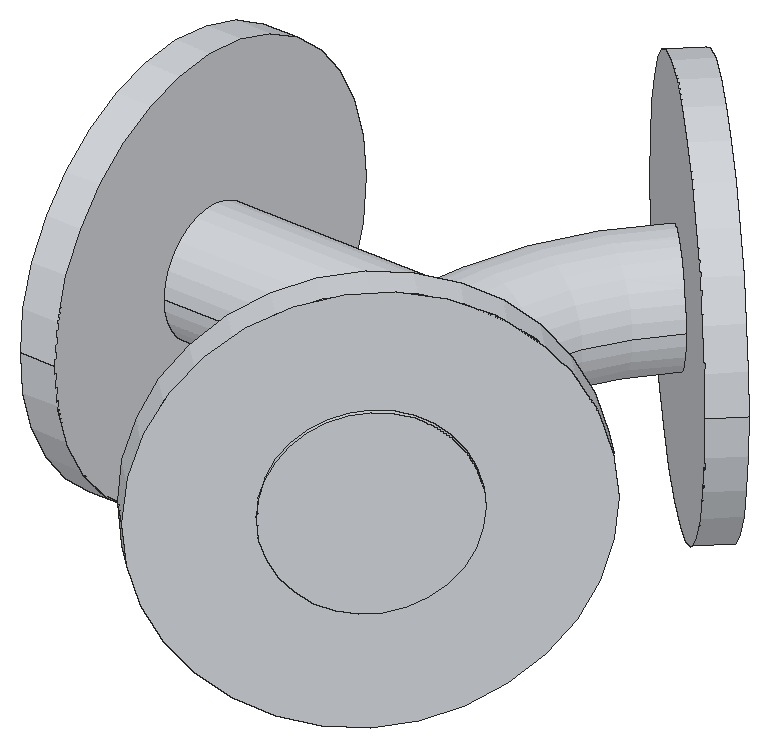
Revit family "Y 型三通 - 法兰式 - 碳钢 - 150 磅级", category 管件, Revit 2020
Family settings
  圆形连接件大小 = 使用半径
  零件类型 = Y 形三通
  基于工作平面 = 否
  总是垂直 = 是
  加载时剪切的空心 = 否
  共享 = 否
Parameters (values of type "标准")
  默认高程 = 0 mm
  壁厚 [instance] = size_lookup(查找表格名, "WThk", 0.02 * 公称直径 + 4.465 mm, 公称直径)  # 4 mm
  查找表格名 = "M_Wye True - Flanged - CS - Class 150"
  长度 C3 2 [instance] = 长度 6 + 半径 2 - 半径 2 * cos(角度 4) + 法兰和密封面厚度 * sin(角度 4)  # 62.933 mm
  长度 C3 1 [instance] = 半径 2 * sin(角度 4) + 法兰和密封面厚度 * cos(角度 4)  # 62.933 mm
  长度 C2 2 [instance] = 长度 6 + 半径 1 - 半径 1 * cos(角度 3) + 法兰和密封面厚度 * sin(角度 3)  # 62.933 mm
  长度 C2 1 [instance] = 半径 1 * sin(角度 3) + 法兰和密封面厚度 * cos(角度 3)  # 62.933 mm
  长度 10 [instance] = 法兰和密封面厚度  # 11.188 mm
  记号尺寸 [instance] = 法兰外径 * 0.4  # 44 mm
  短中心到接触表面 [instance] = size_lookup(查找表格名, "SCtCS", 0.31 * 公称直径 + 44.252 mm, 公称直径)  # 44 mm
  密封面厚度 [instance] = 1.587 mm  # constant formula
  密封面半径 [instance] = 密封面直径 / 2  # 25.4 mm
  密封面直径 [instance] = size_lookup(查找表格名, "RFD", 1.1 * 公称直径 + 38.695 mm, 公称直径)  # 50.8 mm
  半径 1 [instance] = if(法兰外径 / 2 > 长度 3 * tan(角度 1), 法兰外径 / 2 + 3.076 mm, 长度 3 * tan(角度 1))  # 77.812 mm
  半径 2 [instance] = if(法兰外径 / 2 > sin(角度 2) * 长度 6 / (1 - sin(角度 2)), 法兰外径 / 2 + 3.076 mm, sin(角度 2) * 长度 6 / (1 - sin(角度 2)))  # 77.812 mm
  长度 8 [instance] = 法兰和密封面厚度 - 密封面厚度  # 9.6 mm
  长度 7 [instance] = 长度 3 + 法兰和密封面厚度  # 89 mm
  长度 6 [instance] = 长度 4 - 半径 1  # 32.231 mm
  长度 4 [instance] = 半径 1 / sin(角度 1)  # 110.043 mm
  长度 5 [instance] = 半径 2 + 长度 6  # 110.043 mm
  长度 3 [instance] = if(长度 1 < 长度 2, 中心到接触表面 - 法兰和密封面厚度, 长度 1 / sin(角度 5))  # 77.813 mm
  长度 2 [instance] = (中心到接触表面 - 法兰和密封面厚度) * sin(角度 5)  # 55.022 mm
  长度 1 [instance] = 法兰外半径 * cos(角度 5)  # 38.891 mm
  法兰厚度 [instance] = size_lookup(查找表格名, "FThk", 0.06 * 公称直径 + 12.502 mm, 公称直径)  # 9.6 mm
  管件外半径 [instance] = 管件外径 / 2  # 16.5 mm
  管件外径 [instance] = 管件内径 + 壁厚 * 2  # 33 mm
  中心到接触表面 [instance] = size_lookup(查找表格名, "CtCS", 0.78 * 公称直径 + 77.391 mm, 公称直径)  # 89 mm
  公称半径 [instance] = 12.5 mm
  公称直径 [instance] = 公称半径 * 2  # 25 mm
  法兰和密封面厚度 [instance] = 法兰厚度 + 密封面厚度  # 11.188 mm
  法兰外半径 [instance] = 法兰外径 / 2  # 55 mm
  法兰外径 [instance] = size_lookup(查找表格名, "FOD", 1.23 * 公称直径 + 93.861 mm, 公称直径)  # 110 mm
  管件内径 [instance] = size_lookup(查找表格名, "FID", 0.98 * 公称直径 + 2.282 mm, 公称直径)  # 25 mm
  角度 5 [instance] = if(角度 1 < 角度 2, 角度 1, 角度 2)  # 45.00°
  角度 3 [instance] = 90.00° - 角度 1  # 45.00°
  角度 4 [instance] = 90.00° - 角度 2  # 45.00°
  角度 1 [instance] = 45.00°
  角度 2 [instance] = 45.00°
Reference planes
  plane 1 "中心(前/后)": y = 0
  plane 2: z = 0
  plane 3 "中心(左/右)": x = 0
  plane 4: x = -44
  plane 5: x = -32.812
  plane 6: x = 110.043
  plane 7: x = 32.231
  plane 8: x = 110.043
  plane 9: x = 32.231
  plane 10: y = 44
  plane 11: y = -44
  plane 12: x = -42.412
  plane 13: y = 62.933
  plane 14: x = 62.933
  plane 15: y = -62.933
  plane 16: x = 62.933
Forms (mm)
  Sweep 1, solid, detail levels fine
    path in 3D
      loop
        line (-32.812, 0, 0) -> (32.231, 0, 0)
    profile origin (-0.291, 0, 0) x (0, 1, 0) y (0, 0, 1)
      loop
        circle (0, 0) r 16.5
  Sweep 2, solid, detail levels fine
    path in 3D
      loop
        line (-42.412, 0, 0) -> (-32.812, 0, 0)
    profile origin (-37.612, 0, 0) x (0, 1, 0) y (0, 0, 1)
      loop
        circle (0, 0) r 55
  Sweep 3, solid, detail levels fine
    path in 3D
      loop
        arc (32.231, 0, 0) -> (38.154, 29.778, 0) -> (55.022, 55.022, 0) r 77.812
    profile origin (38.154, 29.778, 0) x (-0.92388, 0.382683, 0) y (0, 0, 1)
      loop
        circle (0, 0) r 16.5
  Sweep 4, solid, detail levels fine
    path in 3D
      loop
        arc (32.231, 0, 0) -> (38.154, -29.778, 0) -> (55.022, -55.022, 0) r 77.812
    profile origin (38.154, -29.778, 0) x (0.92388, 0.382683, 0) y (0, 0, 1)
      loop
        circle (0, 0) r 16.5
  Sweep 5, solid, detail levels fine
    path in 3D
      loop
        line (-44, 0, 0) -> (-42.412, 0, 0)
    profile origin (-43.206, 0, 0) x (0, 1, 0) y (0, 0, 1)
      loop
        circle (0, 0) r 25.4
  Sweep 6, solid, detail levels fine
    path in 3D
      loop
        line (62.933, 62.933, 0) -> (55.022, 55.022, 0)
    profile origin (58.977, 58.977, 0) x (0.707107, -0.707107, 0) y (0, 0, 1)
      loop
        circle (0, 0) r 55
  Sweep 7, void
    path in 3D
      loop
        line (62.933, 62.933, 0) -> (61.81, 61.81, 0)
    profile origin (62.371, 62.371, 0) x (0.707107, -0.707107, 0) y (0, 0, 1)
      loop
        circle (0, 0) r 55
      loop
        circle (0, 0) r 25.4
  Sweep 8, solid, detail levels fine
    path in 3D
      loop
        line (62.933, -62.933, 0) -> (55.022, -55.022, 0)
    profile origin (58.977, -58.977, 0) x (-0.707107, -0.707107, 0) y (0, 0, 1)
      loop
        circle (0, 0) r 55
  Sweep 9, void
    path in 3D
      loop
        line (62.933, -62.933, 0) -> (61.81, -61.81, 0)
    profile origin (62.371, -62.371, 0) x (-0.707107, -0.707107, 0) y (0, 0, 1)
      loop
        circle (0, 0) r 55
      loop
        circle (0, 0) r 25.4
Cuts and joins
  Sweep 7 cuts Sweep 3
  Sweep 9 cuts Sweep 4
  Sweep 7 cuts Sweep 6
  Sweep 9 cuts Sweep 8
  joined: Sweep 1, Sweep 2, Sweep 3, Sweep 4, Sweep 5, Sweep 6, Sweep 8
Lines and regions (mm)
  model lines, detail levels coarse+medium
    curve 1: line (-42.412, 0, 0) -> (-32.812, 0, 0)
    curve 2: line (-32.812, 0, 0) -> (0, 0, 0)
    curve 3: arc (32.231, 0, 0) -> (38.154, 29.778, 0) -> (55.022, 55.022, 0) r 77.812
    curve 4: arc (32.231, 0, 0) -> (38.154, -29.778, 0) -> (55.022, -55.022, 0) r 77.812
    curve 5: line (-32.812, 0, 0) -> (32.231, 0, 0)
    curve 6: line (-32.812, 0, 0) -> (32.231, 0, 0)
    curve 11: line (-44, 44, 0) -> (-44, -44, 0)
    curve 13: line (-44, 0, 0) -> (-42.412, 0, 0)
    curve 15: line (62.933, 62.933, 0) -> (55.022, 55.022, 0)
    curve 20: line (62.933, -62.933, 0) -> (55.022, -55.022, 0)
    curve 25: line (62.933, 62.933, 0) -> (94.045, 31.82, 0)
    curve 26: line (62.933, 62.933, 0) -> (31.82, 94.045, 0)
    curve 27: line (62.933, -62.933, 0) -> (94.045, -31.82, 0)
    curve 28: line (62.933, -62.933, 0) -> (31.82, -94.045, 0)
  sketch lines
    curve 7: line (-32.812, 0, 0) -> (32.231, 0, 0)
    curve 8: line (-42.412, 0, 0) -> (-32.812, 0, 0)
    curve 9: arc (32.231, 0, 0) -> (38.154, 29.778, 0) -> (55.022, 55.022, 0) r 77.812
    curve 10: arc (32.231, 0, 0) -> (38.154, -29.778, 0) -> (55.022, -55.022, 0) r 77.812
    curve 14: line (-44, 0, 0) -> (-42.412, 0, 0)
    curve 16: line (62.933, 62.933, 0) -> (55.022, 55.022, 0)
    curve 18: line (62.933, 62.933, 0) -> (61.81, 61.81, 0)
    curve 21: line (62.933, -62.933, 0) -> (55.022, -55.022, 0)
    curve 23: line (62.933, -62.933, 0) -> (61.81, -61.81, 0)
  reference lines
    curve 12: line (-44, 0, 0) -> (-32.812, 0, 0)
    curve 17: line (62.933, 62.933, 0) -> (61.81, 61.81, 0)
    curve 19: line (62.933, 62.933, 0) -> (55.022, 55.022, 0)
    curve 22: line (62.933, -62.933, 0) -> (61.81, -61.81, 0)
    curve 24: line (62.933, -62.933, 0) -> (55.022, -55.022, 0)
Dimensions and locks
  "法兰和密封面厚度": plane 4 to plane 5
  "短中心到接触表面": plane 4 to plane 3 "中心(左/右)"
  "长度 5": plane 3 "中心(左/右)" to plane 6
  "半径 2": plane 7 to plane 6
  "长度 4": plane 3 "中心(左/右)" to plane 8
  "半径 1": plane 9 to plane 8
  "记号尺寸": plane 10 to plane 1 "中心(前/后)"
  "记号尺寸": plane 11 to plane 1 "中心(前/后)"
  "密封面厚度": plane 4 to plane 12
  "长度 C3 1": plane 13 to plane 1 "中心(前/后)"
  "长度 C3 2": plane 3 "中心(左/右)" to plane 14
  "法兰和密封面厚度": curve 15 to curve 15
  "密封面厚度": curve 17 to curve 17
  "长度 10": curve 19 to curve 19
  "长度 C2 1": plane 1 "中心(前/后)" to plane 15
  "长度 C2 2": plane 3 "中心(左/右)" to plane 16
  "法兰和密封面厚度": curve 20 to curve 20
  "密封面厚度": curve 22 to curve 22
  "长度 10": curve 24 to curve 24
  "记号尺寸": curve 25 to curve 25
  "记号尺寸": curve 26 to curve 26
  "记号尺寸": curve 28 to curve 28
  "记号尺寸": curve 27 to curve 27
  "半径 2": radius of curve 3
  "半径 1": radius of curve 4
  "管件外半径": radius of Sweep 1 sketch curve
  "法兰外半径": radius of Sweep 2 sketch curve
  "管件外半径": radius of Sweep 3 sketch curve
  "管件外半径": radius of Sweep 4 sketch curve
  "密封面半径": radius of Sweep 5 sketch curve
  "法兰外半径": radius of Sweep 6 sketch curve
  "法兰外半径": radius of Sweep 7 sketch curve
  "密封面半径": radius of Sweep 7 sketch curve
  "法兰外半径": radius of Sweep 8 sketch curve
  "法兰外半径": radius of Sweep 9 sketch curve
  "密封面半径": radius of Sweep 9 sketch curve
  "角度 4": angle curve 3 to curve 3
  "角度 3": angle curve 4 to curve 4
  "角度 4": angle curve 15 to plane 14
  "角度 4": angle curve 17 to plane 14
  "角度 4": angle curve 19 to plane 14
  "角度 3": angle plane 16 to curve 20
  "角度 3": angle plane 16 to curve 22
  "角度 3": angle plane 16 to curve 24
  locked: curve 15 to curve 25 (angle 90.00°)
  locked: curve 26 to curve 15 (angle 90.00°)
  locked: curve 27 to curve 20 (angle 90.00°)
  locked: curve 20 to curve 28 (angle 90.00°)
  aligned and locked: plane 1 "中心(前/后)" to curve 1
  aligned and locked: plane 1 "中心(前/后)" to curve 3
  aligned and locked: plane 1 "中心(前/后)" to curve 4
  aligned and locked: plane 5 to curve 5
  aligned and locked: plane 1 "中心(前/后)" to curve 5
  aligned and locked: plane 10 to curve 11
  aligned and locked: plane 11 to curve 11
  aligned and locked: curve 11 to plane 4
  aligned and locked: plane 4 to curve 12
  aligned and locked: plane 1 "中心(前/后)" to curve 12
  aligned and locked: plane 12 to curve 1
  aligned and locked: plane 4 to curve 13
  aligned and locked: plane 1 "中心(前/后)" to curve 13
  aligned and locked: plane 13 to curve 17
  aligned and locked: plane 14 to curve 17
  aligned and locked: plane 15 to curve 20
  aligned and locked: plane 16 to curve 20
  aligned and locked: plane 15 to curve 22
  aligned and locked: plane 16 to curve 22
Automatic sketch dimensions
  Sweep 1 sketch curve to profile plane = 0 mm  (x2)
  Sweep 2 sketch curve to profile plane = 0 mm  (x2)
  Sweep 3 sketch curve to profile plane = 0 mm  (x2)
  Sweep 4 sketch curve to profile plane = 0 mm  (x2)
  Sweep 5 sketch curve to profile plane = 0 mm  (x2)
  Sweep 6 sketch curve to profile plane = 0 mm  (x2)
  Sweep 7 sketch curve to Sweep 7 sketch curve = 0 mm  (x2)
  Sweep 7 sketch curve to profile plane = 0 mm  (x2)
  Sweep 8 sketch curve to profile plane = 0 mm  (x2)
  Sweep 9 sketch curve to Sweep 9 sketch curve = 0 mm  (x2)
  Sweep 9 sketch curve to profile plane = 0 mm  (x2)
  curve 2 to plane 3 "中心(左/右)" = 0 mm
  curve 12 to plane 5 = 0 mm
Connectors
  piping at (-44, 0, 0), diameter 25, driven by "公称半径"
    settings: on Sweep 5, index 1, connector inside diameter 25 mm, connector length 0 mm, flow factor 0, pipe flow 0.0 L/s, pressure drop 0.0 Pa, fitting loss kfactor 0, connector angle 0.00°, fixture units 0, engagement length 0 mm, angle of deflection 0.00°, flow configuration 0, flow direction 0, fitting loss method 0, system type 28, joint type 0, gender type 0, connector reference index -1, connector utility 0, adjustable connector no, is connector primary yes, connector description ""
  piping at (62.933, -62.933, 0), diameter 25, driven by "公称半径", driven by "角度 1"
    settings: on cut or joined group of Sweep 1, Sweep 2, Sweep 3, Sweep 4, Sweep 5, Sweep 6, Sweep 7, Sweep 8, Sweep 9, index 2, connector inside diameter 25 mm, connector length 0 mm, flow factor 0, pipe flow 0.0 L/s, pressure drop 0.0 Pa, fitting loss kfactor 0, connector angle 45.00°, fixture units 0, engagement length 0 mm, angle of deflection 0.00°, flow configuration 0, flow direction 0, fitting loss method 0, system type 28, joint type 0, gender type 0, connector reference index -1, connector utility 0, adjustable connector no, is connector primary no, connector description ""
  piping at (62.933, 62.933, 0), diameter 25, driven by "公称半径", driven by "角度 2"
    settings: on cut or joined group of Sweep 1, Sweep 2, Sweep 3, Sweep 4, Sweep 5, Sweep 6, Sweep 7, Sweep 8, Sweep 9, index 3, connector inside diameter 25 mm, connector length 0 mm, flow factor 0, pipe flow 0.0 L/s, pressure drop 0.0 Pa, fitting loss kfactor 0, connector angle 45.00°, fixture units 0, engagement length 0 mm, angle of deflection 0.00°, flow configuration 0, flow direction 0, fitting loss method 0, system type 28, joint type 0, gender type 0, connector reference index -1, connector utility 0, adjustable connector no, is connector primary no, connector description ""
